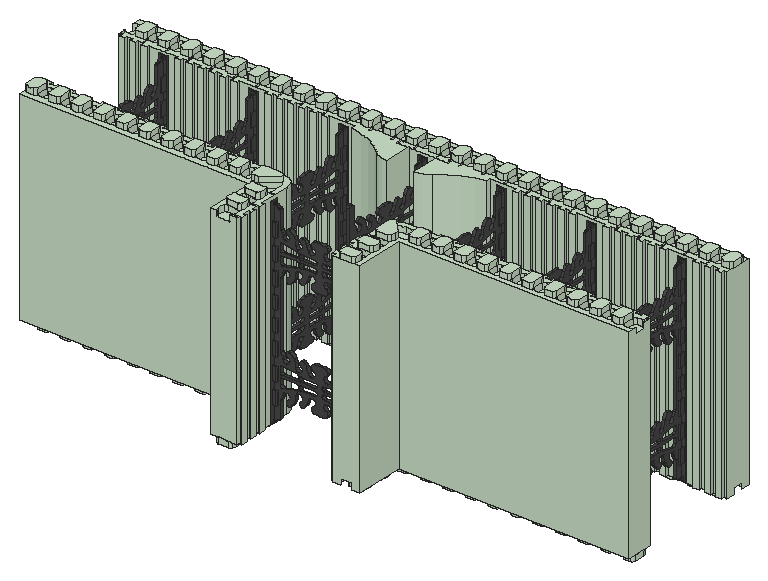
Revit family "ICF- NUDURA 8-inch- Short T Form Unit- Imperial", category Generic Models, Revit 2011 (continued)
Definition of nested family "8-inch Insert Web"
  Forms (in)
    Extrusion 1, solid, material "High Density Polystyrene"
      sketch origin (0, 0, 0) x (0, 1, 0) y (0, 0, 1)
        loop
          arc (4.25, 17.74583) -> (4.22112, 17.72608) -> (4.21, 17.69292) r 0.055
          line (4.21, 17.69292) -> (4.21, 0.05292)
          arc (4.21, 0.05292) -> (4.22112, 0.01975) -> (4.25, 0) r 0.055
        loop
          arc (-4.25, 0) -> (-4.22112, 0.01975) -> (-4.21, 0.05292) r 0.055
          line (-4.21, 0.05292) -> (-4.21, 17.69292)
          arc (-4.21, 17.69292) -> (-4.22112, 17.72608) -> (-4.25, 17.74583) r 0.055
          line (-4.25, 17.74583) -> (-4.25, 0)
      from 0.36328 to -0.36328
    Extrusion 2, solid, material "High Density Polystyrene"
      sketch origin (0, 0, 0) x (0, 1, 0) y (0, 0, 1)
        loop
          line (-4.12543, 17.57204) -> (-4.19457, 17.61045)
          arc (-4.19457, 17.61045) -> (-4.20585, 17.62147) -> (-4.21, 17.63668) r 0.03
          line (-4.21, 17.63668) -> (-4.21, 17.38789)
          arc (-4.21, 17.38789) -> (-4.20374, 17.40241) -> (-4.18889, 17.40785) r 0.02
          line (-4.18889, 17.40785) -> (-4.13111, 17.40464)
          arc (-4.13111, 17.40464) -> (-4.11625, 17.41008) -> (-4.11, 17.42461) r 0.02
          line (-4.11, 17.42461) -> (-4.11, 17.54582)
          arc (-4.11, 17.54582) -> (-4.11414, 17.56103) -> (-4.12543, 17.57204) r 0.03
        loop
          line (-3.5, 17.20772) -> (-3.6, 17.20772) -> (-3.6, 17.2388)
          arc (-3.6, 17.2388) -> (-3.61433, 17.27339) -> (-3.64893, 17.28772) r 0.04893
          line (-3.64893, 17.28772) -> (-3.77609, 17.28772) -> (-3.825, 17.43772)
          arc (-3.825, 17.43772) -> (-3.875, 17.46772) -> (-3.925, 17.43772) r 0.05667
          line (-3.925, 17.43772) -> (-4, 17.20772) -> (-4, 0.53811) -> (-3.925, 0.30811)
          arc (-3.925, 0.30811) -> (-3.875, 0.27811) -> (-3.825, 0.30811) r 0.05667
          line (-3.825, 0.30811) -> (-3.77609, 0.45811) -> (-3.64893, 0.45811)
          arc (-3.64893, 0.45811) -> (-3.61433, 0.47244) -> (-3.6, 0.50703) r 0.04893
          line (-3.6, 0.50703) -> (-3.6, 0.53811) -> (-3.5, 0.53811) -> (-3.5, 1.98988)
          arc (-3.5, 1.98988) -> (-3.48945, 2.05625) -> (-3.45885, 2.11607) r 0.21407
          arc (-3.45885, 2.11607) -> (-3.34445, 2.29893) -> (-3.25724, 2.49621) r 1.51187
          arc (-3.25724, 2.49621) -> (-2.80567, 2.83663) -> (-2.82334, 2.2714) r 0.31353
          arc (-2.82334, 2.2714) -> (-2.94589, 1.98542) -> (-2.65991, 1.86287) r 0.22
          arc (-2.65991, 1.86287) -> (-2.42226, 2.01561) -> (-2.26768, 2.25208) r 0.67666
          arc (-2.26768, 2.25208) -> (-2.17842, 2.56138) -> (-2.13199, 2.87994) r 2.36477
          arc (-2.13199, 2.87994) -> (-1.64652, 3.12692) -> (-1.68105, 2.58333) r 0.31353
          arc (-1.68105, 2.58333) -> (-1.75958, 2.29597) -> (-1.47754, 2.20007) r 0.21738
          arc (-1.47754, 2.20007) -> (-1.27285, 2.35346) -> (-1.13163, 2.56673) r 0.74993
          line (-1.13163, 2.56673) -> (-0.98899, 2.95357)
          arc (-0.98899, 2.95357) -> (-0.48331, 3.1217) -> (-0.55745, 2.59398) r 0.31353
          arc (-0.55745, 2.59398) -> (-0.73367, 2.32998) -> (-0.53434, 2.08295) r 0.26801
          arc (-0.53434, 2.08295) -> (-0.26951, 2.03203) -> (0, 2.02231) r 1.75402
          arc (0, 2.02231) -> (0.26951, 2.03203) -> (0.53434, 2.08295) r 1.75402
          arc (0.53434, 2.08295) -> (0.73367, 2.32998) -> (0.55745, 2.59398) r 0.26801
          arc (0.55745, 2.59398) -> (0.48331, 3.1217) -> (0.98899, 2.95357) r 0.31353
          line (0.98899, 2.95357) -> (1.13163, 2.56673)
          arc (1.13163, 2.56673) -> (1.27285, 2.35346) -> (1.47754, 2.20007) r 0.74993
          arc (1.47754, 2.20007) -> (1.75958, 2.29597) -> (1.68105, 2.58333) r 0.21738
          arc (1.68105, 2.58333) -> (1.64652, 3.12692) -> (2.13199, 2.87994) r 0.31353
          arc (2.13199, 2.87994) -> (2.17842, 2.56138) -> (2.26768, 2.25208) r 2.36477
          arc (2.26768, 2.25208) -> (2.42226, 2.01561) -> (2.65991, 1.86287) r 0.67666
          arc (2.65991, 1.86287) -> (2.94589, 1.98542) -> (2.82334, 2.2714) r 0.22
          arc (2.82334, 2.2714) -> (2.80567, 2.83663) -> (3.25724, 2.49621) r 0.31353
          arc (3.25724, 2.49621) -> (3.34445, 2.29893) -> (3.45885, 2.11607) r 1.51187
          arc (3.45885, 2.11607) -> (3.48945, 2.05625) -> (3.5, 1.98988) r 0.21407
          line (3.5, 1.98988) -> (3.5, 0.53811) -> (3.6, 0.53811) -> (3.6, 0.50703)
          arc (3.6, 0.50703) -> (3.61433, 0.47244) -> (3.64893, 0.45811) r 0.04893
          line (3.64893, 0.45811) -> (3.77609, 0.45811) -> (3.825, 0.30811)
          arc (3.825, 0.30811) -> (3.875, 0.27811) -> (3.925, 0.30811) r 0.05667
          line (3.925, 0.30811) -> (4, 0.53811) -> (4, 17.20772) -> (3.925, 17.43772)
          arc (3.925, 17.43772) -> (3.875, 17.46772) -> (3.825, 17.43772) r 0.05667
          line (3.825, 17.43772) -> (3.77609, 17.28772) -> (3.64893, 17.28772)
          arc (3.64893, 17.28772) -> (3.61433, 17.27339) -> (3.6, 17.2388) r 0.04893
          line (3.6, 17.2388) -> (3.6, 17.20772) -> (3.5, 17.20772) -> (3.5, 15.75595)
          arc (3.5, 15.75595) -> (3.48945, 15.68959) -> (3.45885, 15.62976) r 0.21407
          arc (3.45885, 15.62976) -> (3.34445, 15.4469) -> (3.25724, 15.24962) r 1.51187
          arc (3.25724, 15.24962) -> (2.80567, 14.9092) -> (2.82334, 15.47443) r 0.31353
          arc (2.82334, 15.47443) -> (2.94589, 15.76041) -> (2.65991, 15.88296) r 0.22
          arc (2.65991, 15.88296) -> (2.42226, 15.73022) -> (2.26768, 15.49376) r 0.67666
          arc (2.26768, 15.49376) -> (2.17842, 15.18445) -> (2.13199, 14.86589) r 2.36477
          arc (2.13199, 14.86589) -> (1.64652, 14.61891) -> (1.68105, 15.1625) r 0.31353
          arc (1.68105, 15.1625) -> (1.75958, 15.44986) -> (1.47754, 15.54576) r 0.21738
          arc (1.47754, 15.54576) -> (1.27285, 15.39237) -> (1.13163, 15.1791) r 0.74993
          line (1.13163, 15.1791) -> (0.98899, 14.79226)
          arc (0.98899, 14.79226) -> (0.48331, 14.62413) -> (0.55745, 15.15185) r 0.31353
          arc (0.55745, 15.15185) -> (0.73367, 15.41586) -> (0.53434, 15.66289) r 0.26801
          arc (0.53434, 15.66289) -> (0.26951, 15.7138) -> (0, 15.72352) r 1.75402
          arc (0, 15.72352) -> (-0.26951, 15.7138) -> (-0.53434, 15.66289) r 1.75402
          arc (-0.53434, 15.66289) -> (-0.73367, 15.41586) -> (-0.55745, 15.15185) r 0.26801
          arc (-0.55745, 15.15185) -> (-0.48331, 14.62413) -> (-0.98899, 14.79226) r 0.31353
          line (-0.98899, 14.79226) -> (-1.13163, 15.1791)
          arc (-1.13163, 15.1791) -> (-1.27285, 15.39237) -> (-1.47754, 15.54576) r 0.74993
          arc (-1.47754, 15.54576) -> (-1.75958, 15.44986) -> (-1.68105, 15.1625) r 0.21738
          arc (-1.68105, 15.1625) -> (-1.64652, 14.61891) -> (-2.13199, 14.86589) r 0.31353
          arc (-2.13199, 14.86589) -> (-2.17842, 15.18445) -> (-2.26768, 15.49376) r 2.36477
          arc (-2.26768, 15.49376) -> (-2.42226, 15.73022) -> (-2.65991, 15.88296) r 0.67666
          arc (-2.65991, 15.88296) -> (-2.94589, 15.76041) -> (-2.82334, 15.47443) r 0.22
          arc (-2.82334, 15.47443) -> (-2.80567, 14.9092) -> (-3.25724, 15.24962) r 0.31353
          arc (-3.25724, 15.24962) -> (-3.34445, 15.4469) -> (-3.45885, 15.62976) r 1.51187
          arc (-3.45885, 15.62976) -> (-3.48945, 15.68959) -> (-3.5, 15.75595) r 0.21407
          line (-3.5, 15.75595) -> (-3.5, 17.20772)
        loop
          line (-0.4326, 14.30833) -> (-1.07948, 14.30833)
          arc (-1.07948, 14.30833) -> (-1.36148, 14.32119) -> (-1.641, 14.36065) r 2.98393
          arc (-1.641, 14.36065) -> (-1.72343, 14.33942) -> (-1.75965, 14.2624) r 0.1
          line (-1.75965, 14.2624) -> (-1.75965, 13.93969)
          arc (-1.75965, 13.93969) -> (-1.73036, 13.86898) -> (-1.65965, 13.83969) r 0.1
          line (-1.65965, 13.83969) -> (-0.4326, 13.83969)
          arc (-0.4326, 13.83969) -> (-0.19828, 14.07401) -> (-0.4326, 14.30833) r 0.23432
        loop
          arc (-3.26707, 14.68606) -> (-3.43178, 14.61783) -> (-3.5, 14.45313) r 0.23293
          line (-3.5, 14.45313) -> (-3.5, 13.99143)
          arc (-3.5, 13.99143) -> (-3.45556, 13.88413) -> (-3.34826, 13.83969) r 0.15174
          line (-3.34826, 13.83969) -> (-2.01208, 13.83969)
          arc (-2.01208, 13.83969) -> (-1.94141, 13.869) -> (-1.91215, 13.93969) r 0.1
          line (-1.91215, 13.93969) -> (-1.91215, 14.32445)
          arc (-1.91215, 14.32445) -> (-1.93534, 14.38849) -> (-1.99415, 14.42282) r 0.1
          arc (-1.99415, 14.42282) -> (-2.63213, 14.54712) -> (-3.26707, 14.68606) r 28.25303
        loop
          arc (-2.82334, 12.01745) -> (-2.80567, 12.58268) -> (-3.25724, 12.24227) r 0.31353
          arc (-3.25724, 12.24227) -> (-3.34445, 12.04498) -> (-3.45885, 11.86212) r 1.51187
          arc (-3.45885, 11.86212) -> (-3.48945, 11.8023) -> (-3.5, 11.73593) r 0.21407
          line (-3.5, 11.73593) -> (-3.5, 6.0099)
          arc (-3.5, 6.0099) -> (-3.48945, 5.94354) -> (-3.45885, 5.88371) r 0.21407
          arc (-3.45885, 5.88371) -> (-3.34445, 5.70085) -> (-3.25724, 5.50357) r 1.51187
          arc (-3.25724, 5.50357) -> (-2.80567, 5.16315) -> (-2.82334, 5.72838) r 0.31353
          arc (-2.82334, 5.72838) -> (-2.94589, 6.01436) -> (-2.65991, 6.13691) r 0.22
          arc (-2.65991, 6.13691) -> (-2.42226, 5.98417) -> (-2.26768, 5.74771) r 0.67666
          arc (-2.26768, 5.74771) -> (-2.17842, 5.4384) -> (-2.13199, 5.11984) r 2.36477
          arc (-2.13199, 5.11984) -> (-1.64652, 4.87286) -> (-1.68105, 5.41645) r 0.31353
          arc (-1.68105, 5.41645) -> (-1.75958, 5.70381) -> (-1.47754, 5.79971) r 0.21738
          arc (-1.47754, 5.79971) -> (-1.27285, 5.64632) -> (-1.13163, 5.43305) r 0.74993
          line (-1.13163, 5.43305) -> (-0.98899, 5.04621)
          arc (-0.98899, 5.04621) -> (-0.48331, 4.87808) -> (-0.55745, 5.4058) r 0.31353
          arc (-0.55745, 5.4058) -> (-0.73367, 5.66981) -> (-0.53434, 5.91684) r 0.26801
          arc (-0.53434, 5.91684) -> (-0.26951, 5.96775) -> (0, 5.97747) r 1.75402
          arc (0, 5.97747) -> (0.26951, 5.96775) -> (0.53434, 5.91684) r 1.75402
          arc (0.53434, 5.91684) -> (0.73367, 5.66981) -> (0.55745, 5.4058) r 0.26801
          arc (0.55745, 5.4058) -> (0.48331, 4.87808) -> (0.98899, 5.04621) r 0.31353
          line (0.98899, 5.04621) -> (1.13163, 5.43305)
          arc (1.13163, 5.43305) -> (1.27285, 5.64632) -> (1.47754, 5.79971) r 0.74993
          arc (1.47754, 5.79971) -> (1.75958, 5.70381) -> (1.68105, 5.41645) r 0.21738
          arc (1.68105, 5.41645) -> (1.64652, 4.87286) -> (2.13199, 5.11984) r 0.31353
          arc (2.13199, 5.11984) -> (2.17842, 5.4384) -> (2.26768, 5.74771) r 2.36477
          arc (2.26768, 5.74771) -> (2.42226, 5.98417) -> (2.65991, 6.13691) r 0.67666
          arc (2.65991, 6.13691) -> (2.94589, 6.01436) -> (2.82334, 5.72838) r 0.22
          arc (2.82334, 5.72838) -> (2.80567, 5.16315) -> (3.25724, 5.50357) r 0.31353
          arc (3.25724, 5.50357) -> (3.34445, 5.70085) -> (3.45885, 5.88371) r 1.51187
          arc (3.45885, 5.88371) -> (3.48945, 5.94354) -> (3.5, 6.0099) r 0.21407
          line (3.5, 6.0099) -> (3.5, 11.73593)
          arc (3.5, 11.73593) -> (3.48945, 11.8023) -> (3.45885, 11.86212) r 0.21407
          arc (3.45885, 11.86212) -> (3.34445, 12.04498) -> (3.25724, 12.24227) r 1.51187
          arc (3.25724, 12.24227) -> (2.80567, 12.58268) -> (2.82334, 12.01745) r 0.31353
          arc (2.82334, 12.01745) -> (2.94589, 11.73147) -> (2.65991, 11.60892) r 0.22
          arc (2.65991, 11.60892) -> (2.42226, 11.76166) -> (2.26768, 11.99813) r 0.67666
          arc (2.26768, 11.99813) -> (2.17842, 12.30743) -> (2.13199, 12.62599) r 2.36477
          arc (2.13199, 12.62599) -> (1.64652, 12.87297) -> (1.68105, 12.32938) r 0.31353
          arc (1.68105, 12.32938) -> (1.75958, 12.04202) -> (1.47754, 11.94612) r 0.21738
          arc (1.47754, 11.94612) -> (1.27285, 12.09952) -> (1.13163, 12.31278) r 0.74993
          line (1.13163, 12.31278) -> (0.98899, 12.69962)
          arc (0.98899, 12.69962) -> (0.48331, 12.86775) -> (0.55745, 12.34003) r 0.31353
          arc (0.55745, 12.34003) -> (0.73367, 12.07603) -> (0.53434, 11.829) r 0.26801
          arc (0.53434, 11.829) -> (0.26951, 11.77808) -> (0, 11.76836) r 1.75402
          arc (0, 11.76836) -> (-0.26951, 11.77808) -> (-0.53434, 11.829) r 1.75402
          arc (-0.53434, 11.829) -> (-0.73367, 12.07603) -> (-0.55745, 12.34003) r 0.26801
          arc (-0.55745, 12.34003) -> (-0.48331, 12.86775) -> (-0.98899, 12.69962) r 0.31353
          line (-0.98899, 12.69962) -> (-1.13163, 12.31278)
          arc (-1.13163, 12.31278) -> (-1.27285, 12.09952) -> (-1.47754, 11.94612) r 0.74993
          arc (-1.47754, 11.94612) -> (-1.75958, 12.04202) -> (-1.68105, 12.32938) r 0.21738
          arc (-1.68105, 12.32938) -> (-1.64652, 12.87297) -> (-2.13199, 12.62599) r 0.31353
          arc (-2.13199, 12.62599) -> (-2.17842, 12.30743) -> (-2.26768, 11.99813) r 2.36477
          arc (-2.26768, 11.99813) -> (-2.42226, 11.76166) -> (-2.65991, 11.60892) r 0.67666
          arc (-2.65991, 11.60892) -> (-2.94589, 11.73147) -> (-2.82334, 12.01745) r 0.22
        loop
          arc (-0.4326, 13.18355) -> (-0.19828, 13.41787) -> (-0.4326, 13.65219) r 0.23432
          line (-0.4326, 13.65219) -> (-1.65965, 13.65219)
          arc (-1.65965, 13.65219) -> (-1.73036, 13.6229) -> (-1.75965, 13.55219) r 0.1
          line (-1.75965, 13.55219) -> (-1.75965, 13.22948)
          arc (-1.75965, 13.22948) -> (-1.72343, 13.15246) -> (-1.641, 13.13124) r 0.1
          arc (-1.641, 13.13124) -> (-1.36148, 13.17069) -> (-1.07948, 13.18355) r 2.98393
          line (-1.07948, 13.18355) -> (-0.4326, 13.18355)
        loop
          arc (-3.26707, 12.80583) -> (-2.63213, 12.94476) -> (-1.99415, 13.06906) r 28.25303
          arc (-1.99415, 13.06906) -> (-1.93534, 13.10339) -> (-1.91215, 13.16743) r 0.1
          line (-1.91215, 13.16743) -> (-1.91215, 13.55219)
          arc (-1.91215, 13.55219) -> (-1.94141, 13.62288) -> (-2.01208, 13.65219) r 0.1
          line (-2.01208, 13.65219) -> (-3.34826, 13.65219)
          arc (-3.34826, 13.65219) -> (-3.45556, 13.60775) -> (-3.5, 13.50045) r 0.15174
          line (-3.5, 13.50045) -> (-3.5, 13.03875)
          arc (-3.5, 13.03875) -> (-3.43178, 12.87405) -> (-3.26707, 12.80583) r 0.23293
        loop
          arc (-4.12543, 0.17379) -> (-4.11414, 0.1848) -> (-4.11, 0.20001) r 0.03
          line (-4.11, 0.20001) -> (-4.11, 0.32122)
          arc (-4.11, 0.32122) -> (-4.11625, 0.33575) -> (-4.13111, 0.34119) r 0.02
          line (-4.13111, 0.34119) -> (-4.18889, 0.33798)
          arc (-4.18889, 0.33798) -> (-4.20374, 0.34342) -> (-4.21, 0.35795) r 0.02
          line (-4.21, 0.35795) -> (-4.21, 0.10915)
          arc (-4.21, 0.10915) -> (-4.20585, 0.12437) -> (-4.19457, 0.13538) r 0.03
          line (-4.19457, 0.13538) -> (-4.12543, 0.17379)
        loop
          arc (-0.4326, 3.4375) -> (-0.19828, 3.67182) -> (-0.4326, 3.90614) r 0.23432
          line (-0.4326, 3.90614) -> (-1.65965, 3.90614)
          arc (-1.65965, 3.90614) -> (-1.73036, 3.87685) -> (-1.75965, 3.80614) r 0.1
          line (-1.75965, 3.80614) -> (-1.75965, 3.48343)
          arc (-1.75965, 3.48343) -> (-1.72343, 3.40641) -> (-1.641, 3.38519) r 0.1
          arc (-1.641, 3.38519) -> (-1.36148, 3.42464) -> (-1.07948, 3.4375) r 2.98393
          line (-1.07948, 3.4375) -> (-0.4326, 3.4375)
        loop
          arc (-3.26707, 3.05978) -> (-2.63213, 3.19871) -> (-1.99415, 3.32301) r 28.25303
          arc (-1.99415, 3.32301) -> (-1.93534, 3.35734) -> (-1.91215, 3.42138) r 0.1
          line (-1.91215, 3.42138) -> (-1.91215, 3.80614)
          arc (-1.91215, 3.80614) -> (-1.94141, 3.87683) -> (-2.01208, 3.90614) r 0.1
          line (-2.01208, 3.90614) -> (-3.34826, 3.90614)
          arc (-3.34826, 3.90614) -> (-3.45556, 3.8617) -> (-3.5, 3.7544) r 0.15174
          line (-3.5, 3.7544) -> (-3.5, 3.2927)
          arc (-3.5, 3.2927) -> (-3.43178, 3.128) -> (-3.26707, 3.05978) r 0.23293
        loop
          line (-0.4326, 4.56228) -> (-1.07948, 4.56228)
          arc (-1.07948, 4.56228) -> (-1.36148, 4.57514) -> (-1.641, 4.6146) r 2.98393
          arc (-1.641, 4.6146) -> (-1.72343, 4.59337) -> (-1.75965, 4.51635) r 0.1
          line (-1.75965, 4.51635) -> (-1.75965, 4.19364)
          arc (-1.75965, 4.19364) -> (-1.73036, 4.12293) -> (-1.65965, 4.09364) r 0.1
          line (-1.65965, 4.09364) -> (-0.4326, 4.09364)
          arc (-0.4326, 4.09364) -> (-0.19828, 4.32796) -> (-0.4326, 4.56228) r 0.23432
        loop
          arc (-3.26707, 4.94001) -> (-3.43178, 4.87178) -> (-3.5, 4.70708) r 0.23293
          line (-3.5, 4.70708) -> (-3.5, 4.24538)
          arc (-3.5, 4.24538) -> (-3.45556, 4.13808) -> (-3.34826, 4.09364) r 0.15174
          line (-3.34826, 4.09364) -> (-2.01208, 4.09364)
          arc (-2.01208, 4.09364) -> (-1.94141, 4.12295) -> (-1.91215, 4.19364) r 0.1
          line (-1.91215, 4.19364) -> (-1.91215, 4.5784)
          arc (-1.91215, 4.5784) -> (-1.93534, 4.64244) -> (-1.99415, 4.67677) r 0.1
          arc (-1.99415, 4.67677) -> (-2.63213, 4.80107) -> (-3.26707, 4.94001) r 28.25303
        loop
          arc (4.12543, 17.57204) -> (4.11414, 17.56103) -> (4.11, 17.54582) r 0.03
          line (4.11, 17.54582) -> (4.11, 17.42461)
          arc (4.11, 17.42461) -> (4.11625, 17.41008) -> (4.13111, 17.40464) r 0.02
          line (4.13111, 17.40464) -> (4.18889, 17.40785)
          arc (4.18889, 17.40785) -> (4.20374, 17.40241) -> (4.21, 17.38789) r 0.02
          line (4.21, 17.38789) -> (4.21, 17.63668)
          arc (4.21, 17.63668) -> (4.20585, 17.62147) -> (4.19457, 17.61045) r 0.03
          line (4.19457, 17.61045) -> (4.12543, 17.57204)
        loop
          arc (0.4326, 14.30833) -> (0.19828, 14.07401) -> (0.4326, 13.83969) r 0.23432
          line (0.4326, 13.83969) -> (1.65965, 13.83969)
          arc (1.65965, 13.83969) -> (1.73036, 13.86898) -> (1.75965, 13.93969) r 0.1
          line (1.75965, 13.93969) -> (1.75965, 14.2624)
          arc (1.75965, 14.2624) -> (1.72343, 14.33942) -> (1.641, 14.36065) r 0.1
          arc (1.641, 14.36065) -> (1.36148, 14.32119) -> (1.07948, 14.30833) r 2.98393
          line (1.07948, 14.30833) -> (0.4326, 14.30833)
        loop
          arc (3.26707, 14.68606) -> (2.63213, 14.54712) -> (1.99415, 14.42282) r 28.25303
          arc (1.99415, 14.42282) -> (1.93534, 14.38849) -> (1.91215, 14.32445) r 0.1
          line (1.91215, 14.32445) -> (1.91215, 13.93969)
          arc (1.91215, 13.93969) -> (1.94141, 13.869) -> (2.01208, 13.83969) r 0.1
          line (2.01208, 13.83969) -> (3.34826, 13.83969)
          arc (3.34826, 13.83969) -> (3.45556, 13.88413) -> (3.5, 13.99143) r 0.15174
          line (3.5, 13.99143) -> (3.5, 14.45313)
          arc (3.5, 14.45313) -> (3.43178, 14.61783) -> (3.26707, 14.68606) r 0.23293
        loop
          line (0.4326, 13.18355) -> (1.07948, 13.18355)
          arc (1.07948, 13.18355) -> (1.36148, 13.17069) -> (1.641, 13.13124) r 2.98393
          arc (1.641, 13.13124) -> (1.72343, 13.15246) -> (1.75965, 13.22948) r 0.1
          line (1.75965, 13.22948) -> (1.75965, 13.55219)
          arc (1.75965, 13.55219) -> (1.73036, 13.6229) -> (1.65965, 13.65219) r 0.1
          line (1.65965, 13.65219) -> (0.4326, 13.65219)
          arc (0.4326, 13.65219) -> (0.19828, 13.41787) -> (0.4326, 13.18355) r 0.23432
        loop
          arc (3.26707, 12.80583) -> (3.43178, 12.87405) -> (3.5, 13.03875) r 0.23293
          line (3.5, 13.03875) -> (3.5, 13.50045)
          arc (3.5, 13.50045) -> (3.45556, 13.60775) -> (3.34826, 13.65219) r 0.15174
          line (3.34826, 13.65219) -> (2.01208, 13.65219)
          arc (2.01208, 13.65219) -> (1.94141, 13.62288) -> (1.91215, 13.55219) r 0.1
          line (1.91215, 13.55219) -> (1.91215, 13.16743)
          arc (1.91215, 13.16743) -> (1.93534, 13.10339) -> (1.99415, 13.06906) r 0.1
          arc (1.99415, 13.06906) -> (2.63213, 12.94476) -> (3.26707, 12.80583) r 28.25303
        loop
          line (4.12543, 0.17379) -> (4.19457, 0.13538)
          arc (4.19457, 0.13538) -> (4.20585, 0.12437) -> (4.21, 0.10915) r 0.03
          line (4.21, 0.10915) -> (4.21, 0.35795)
          arc (4.21, 0.35795) -> (4.20374, 0.34342) -> (4.18889, 0.33798) r 0.02
          line (4.18889, 0.33798) -> (4.13111, 0.34119)
          arc (4.13111, 0.34119) -> (4.11625, 0.33575) -> (4.11, 0.32122) r 0.02
          line (4.11, 0.32122) -> (4.11, 0.20001)
          arc (4.11, 0.20001) -> (4.11414, 0.1848) -> (4.12543, 0.17379) r 0.03
        loop
          line (0.4326, 3.4375) -> (1.07948, 3.4375)
          arc (1.07948, 3.4375) -> (1.36148, 3.42464) -> (1.641, 3.38519) r 2.98393
          arc (1.641, 3.38519) -> (1.72343, 3.40641) -> (1.75965, 3.48343) r 0.1
          line (1.75965, 3.48343) -> (1.75965, 3.80614)
          arc (1.75965, 3.80614) -> (1.73036, 3.87685) -> (1.65965, 3.90614) r 0.1
          line (1.65965, 3.90614) -> (0.4326, 3.90614)
          arc (0.4326, 3.90614) -> (0.19828, 3.67182) -> (0.4326, 3.4375) r 0.23432
        loop
          arc (3.26707, 3.05978) -> (3.43178, 3.128) -> (3.5, 3.2927) r 0.23293
          line (3.5, 3.2927) -> (3.5, 3.7544)
          arc (3.5, 3.7544) -> (3.45556, 3.8617) -> (3.34826, 3.90614) r 0.15174
          line (3.34826, 3.90614) -> (2.01208, 3.90614)
          arc (2.01208, 3.90614) -> (1.94141, 3.87683) -> (1.91215, 3.80614) r 0.1
          line (1.91215, 3.80614) -> (1.91215, 3.42138)
          arc (1.91215, 3.42138) -> (1.93534, 3.35734) -> (1.99415, 3.32301) r 0.1
          arc (1.99415, 3.32301) -> (2.63213, 3.19871) -> (3.26707, 3.05978) r 28.25303
        loop
          arc (0.4326, 4.56228) -> (0.19828, 4.32796) -> (0.4326, 4.09364) r 0.23432
          line (0.4326, 4.09364) -> (1.65965, 4.09364)
          arc (1.65965, 4.09364) -> (1.73036, 4.12293) -> (1.75965, 4.19364) r 0.1
          line (1.75965, 4.19364) -> (1.75965, 4.51635)
          arc (1.75965, 4.51635) -> (1.72343, 4.59337) -> (1.641, 4.6146) r 0.1
          arc (1.641, 4.6146) -> (1.36148, 4.57514) -> (1.07948, 4.56228) r 2.98393
          line (1.07948, 4.56228) -> (0.4326, 4.56228)
        loop
          arc (3.26707, 4.94001) -> (2.63213, 4.80107) -> (1.99415, 4.67677) r 28.25303
          arc (1.99415, 4.67677) -> (1.93534, 4.64244) -> (1.91215, 4.5784) r 0.1
          line (1.91215, 4.5784) -> (1.91215, 4.19364)
          arc (1.91215, 4.19364) -> (1.94141, 4.12295) -> (2.01208, 4.09364) r 0.1
          line (2.01208, 4.09364) -> (3.34826, 4.09364)
          arc (3.34826, 4.09364) -> (3.45556, 4.13808) -> (3.5, 4.24538) r 0.15174
          line (3.5, 4.24538) -> (3.5, 4.70708)
          arc (3.5, 4.70708) -> (3.43178, 4.87178) -> (3.26707, 4.94001) r 0.23293
      from 0.125 to -0.125
    Extrusion 3, solid, material "High Density Polystyrene"
      sketch origin (0, 0, 0) x (0, 1, 0) y (0, 0, 1)
        loop
          line (4.21, 16.17792) -> (3.71, 16.17792) -> (3.71, 14.97792) -> (4.21, 14.97792) -> (4.21, 16.17792)
        loop
          line (4.21, 14.22792) -> (3.71, 14.22792) -> (3.71, 13.02792) -> (4.21, 13.02792) -> (4.21, 14.22792)
        loop
          line (4.21, 12.27792) -> (3.71, 12.27792) -> (3.71, 11.07792) -> (4.21, 11.07792) -> (4.21, 12.27792)
        loop
          line (4.21, 10.32792) -> (3.71, 10.32792) -> (3.71, 9.24792) -> (4.21, 9.24792) -> (4.21, 10.32792)
        loop
          line (4.21, 8.49792) -> (3.71, 8.49792) -> (3.71, 7.41792) -> (4.21, 7.41792) -> (4.21, 8.49792)
        loop
          line (4.21, 6.66792) -> (3.71, 6.66792) -> (3.71, 5.46792) -> (4.21, 5.46792) -> (4.21, 6.66792)
        loop
          line (4.21, 4.71792) -> (3.71, 4.71792) -> (3.71, 3.51792) -> (4.21, 3.51792) -> (4.21, 4.71792)
        loop
          line (4.21, 2.76792) -> (3.71, 2.76792) -> (3.71, 1.56792) -> (4.21, 1.56792) -> (4.21, 2.76792)
        loop
          line (-4.21, 16.17792) -> (-4.21, 14.97792) -> (-3.71, 14.97792) -> (-3.71, 16.17792) -> (-4.21, 16.17792)
        loop
          line (-4.21, 14.22792) -> (-4.21, 13.02792) -> (-3.71, 13.02792) -> (-3.71, 14.22792) -> (-4.21, 14.22792)
        loop
          line (-4.21, 12.27792) -> (-4.21, 11.07792) -> (-3.71, 11.07792) -> (-3.71, 12.27792) -> (-4.21, 12.27792)
        loop
          line (-4.21, 10.32792) -> (-4.21, 9.24792) -> (-3.71, 9.24792) -> (-3.71, 10.32792) -> (-4.21, 10.32792)
        loop
          line (-4.21, 8.49792) -> (-4.21, 7.41792) -> (-3.71, 7.41792) -> (-3.71, 8.49792) -> (-4.21, 8.49792)
        loop
          line (-4.21, 6.66792) -> (-4.21, 5.46792) -> (-3.71, 5.46792) -> (-3.71, 6.66792) -> (-4.21, 6.66792)
        loop
          line (-4.21, 4.71792) -> (-4.21, 3.51792) -> (-3.71, 3.51792) -> (-3.71, 4.71792) -> (-4.21, 4.71792)
        loop
          line (-4.21, 2.76792) -> (-4.21, 1.56792) -> (-3.71, 1.56792) -> (-3.71, 2.76792) -> (-4.21, 2.76792)
      from 0.25 to -0.25
    Extrusion 4, void
      sketch origin (0, 1, 0) x (1, 0, 0) y (0, 1, 0)
        loop
          line (-0.25, 2.79249) -> (-0.25, 2.71) -> (-0.1675, 2.71)
          arc (-0.1675, 2.71) -> (-0.22584, 2.73416) -> (-0.25, 2.79249) r 0.0825
      from 0 to 18
    Extrusion 5, void
      sketch origin (0, 1, 0) x (-1, 0, 0) y (0, -1, 0)
        loop
          arc (-0.25, -2.79249) -> (-0.22584, -2.73416) -> (-0.1675, -2.71) r 0.0825
          line (-0.1675, -2.71) -> (-0.25, -2.71) -> (-0.25, -2.79249)
      from 0 to 18
    Extrusion 6, void
      sketch origin (0, -1, 0) x (1, 0, 0) y (0, 1, 0)
        loop
          arc (-0.25, -2.79249) -> (-0.22584, -2.73416) -> (-0.1675, -2.71) r 0.0825
          line (-0.1675, -2.71) -> (-0.25, -2.71) -> (-0.25, -2.79249)
      from 0 to 18
    Extrusion 7, void
      sketch origin (0, -1, 0) x (-1, 0, 0) y (0, -1, 0)
        loop
          line (-0.25, 2.79249) -> (-0.25, 2.71) -> (-0.1675, 2.71)
          arc (-0.1675, 2.71) -> (-0.22584, 2.73416) -> (-0.25, 2.79249) r 0.0825
      from 0 to 18
  Cuts and joins
    Extrusion 4, Extrusion 5, Extrusion 6, Extrusion 7 cuts Extrusion 1
    Extrusion 4, Extrusion 5, Extrusion 6, Extrusion 7 cuts Extrusion 3
Definition of nested family "8-inch Insert Web w One Fastening Strip"
  Reference planes (in)
    plane 1 "Center (Front/Back)": y = 0
    plane 2: z = 0
    plane 3 "Center (Left/Right)": x = 0
  Forms (in)
    Extrusion 1, solid, material "High Density Polystyrene"
      sketch origin (0, 0, 0) x (0, 1, 0) y (0, 0, 1)
        loop
          arc (-4.25, 0) -> (-4.22112, 0.01975) -> (-4.21, 0.05292) r 0.055
          line (-4.21, 0.05292) -> (-4.21, 17.69292)
          arc (-4.21, 17.69292) -> (-4.22112, 17.72608) -> (-4.25, 17.74583) r 0.055
          line (-4.25, 17.74583) -> (-4.25, 0)
      from 0.36328 to -0.36328
    Extrusion 2, solid, material "High Density Polystyrene"
      sketch origin (0, 0, 0) x (0, 1, 0) y (0, 0, 1)
        loop
          line (-4.12543, 17.57204) -> (-4.19457, 17.61045)
          arc (-4.19457, 17.61045) -> (-4.20585, 17.62147) -> (-4.21, 17.63668) r 0.03
          line (-4.21, 17.63668) -> (-4.21, 17.38789)
          arc (-4.21, 17.38789) -> (-4.20374, 17.40241) -> (-4.18889, 17.40785) r 0.02
          line (-4.18889, 17.40785) -> (-4.13111, 17.40464)
          arc (-4.13111, 17.40464) -> (-4.11625, 17.41008) -> (-4.11, 17.42461) r 0.02
          line (-4.11, 17.42461) -> (-4.11, 17.54582)
          arc (-4.11, 17.54582) -> (-4.11414, 17.56103) -> (-4.12543, 17.57204) r 0.03
        loop
          line (-3.5, 17.20772) -> (-3.6, 17.20772) -> (-3.6, 17.2388)
          arc (-3.6, 17.2388) -> (-3.61433, 17.27339) -> (-3.64893, 17.28772) r 0.04893
          line (-3.64893, 17.28772) -> (-3.77609, 17.28772) -> (-3.825, 17.43772)
          arc (-3.825, 17.43772) -> (-3.875, 17.46772) -> (-3.925, 17.43772) r 0.05667
          line (-3.925, 17.43772) -> (-4, 17.20772) -> (-4, 0.53811) -> (-3.925, 0.30811)
          arc (-3.925, 0.30811) -> (-3.875, 0.27811) -> (-3.825, 0.30811) r 0.05667
          line (-3.825, 0.30811) -> (-3.77609, 0.45811) -> (-3.64893, 0.45811)
          arc (-3.64893, 0.45811) -> (-3.61433, 0.47244) -> (-3.6, 0.50703) r 0.04893
          line (-3.6, 0.50703) -> (-3.6, 0.53811) -> (-3.5, 0.53811) -> (-3.5, 1.98988)
          arc (-3.5, 1.98988) -> (-3.48945, 2.05625) -> (-3.45885, 2.11607) r 0.21407
          arc (-3.45885, 2.11607) -> (-3.34445, 2.29893) -> (-3.25724, 2.49621) r 1.51187
          arc (-3.25724, 2.49621) -> (-2.80567, 2.83663) -> (-2.82334, 2.2714) r 0.31353
          arc (-2.82334, 2.2714) -> (-2.94589, 1.98542) -> (-2.65991, 1.86287) r 0.22
          arc (-2.65991, 1.86287) -> (-2.42226, 2.01561) -> (-2.26768, 2.25208) r 0.67666
          arc (-2.26768, 2.25208) -> (-2.17842, 2.56138) -> (-2.13199, 2.87994) r 2.36477
          arc (-2.13199, 2.87994) -> (-1.64652, 3.12692) -> (-1.68105, 2.58333) r 0.31353
          arc (-1.68105, 2.58333) -> (-1.75958, 2.29597) -> (-1.47754, 2.20007) r 0.21738
          arc (-1.47754, 2.20007) -> (-1.27285, 2.35346) -> (-1.13163, 2.56673) r 0.74993
          line (-1.13163, 2.56673) -> (-0.98899, 2.95357)
          arc (-0.98899, 2.95357) -> (-0.48331, 3.1217) -> (-0.55745, 2.59398) r 0.31353
          arc (-0.55745, 2.59398) -> (-0.73367, 2.32998) -> (-0.53434, 2.08295) r 0.26801
          arc (-0.53434, 2.08295) -> (-0.26951, 2.03203) -> (0, 2.02231) r 1.75402
          arc (0, 2.02231) -> (0.26951, 2.03203) -> (0.53434, 2.08295) r 1.75402
          arc (0.53434, 2.08295) -> (0.73367, 2.32998) -> (0.55745, 2.59398) r 0.26801
          arc (0.55745, 2.59398) -> (0.48331, 3.1217) -> (0.98899, 2.95357) r 0.31353
          line (0.98899, 2.95357) -> (1.13163, 2.56673)
          arc (1.13163, 2.56673) -> (1.27285, 2.35346) -> (1.47754, 2.20007) r 0.74993
          arc (1.47754, 2.20007) -> (1.75958, 2.29597) -> (1.68105, 2.58333) r 0.21738
          arc (1.68105, 2.58333) -> (1.64652, 3.12692) -> (2.13199, 2.87994) r 0.31353
          arc (2.13199, 2.87994) -> (2.17842, 2.56138) -> (2.26768, 2.25208) r 2.36477
          arc (2.26768, 2.25208) -> (2.42226, 2.01561) -> (2.65991, 1.86287) r 0.67666
          arc (2.65991, 1.86287) -> (2.94589, 1.98542) -> (2.82334, 2.2714) r 0.22
          arc (2.82334, 2.2714) -> (2.80567, 2.83663) -> (3.25724, 2.49621) r 0.31353
          arc (3.25724, 2.49621) -> (3.34445, 2.29893) -> (3.45885, 2.11607) r 1.51187
          arc (3.45885, 2.11607) -> (3.48945, 2.05625) -> (3.5, 1.98988) r 0.21407
          line (3.5, 1.98988) -> (3.5, 0.53811) -> (3.6, 0.53811) -> (3.6, 0.50703)
          arc (3.6, 0.50703) -> (3.61433, 0.47244) -> (3.64893, 0.45811) r 0.04893
          line (3.64893, 0.45811) -> (3.77609, 0.45811) -> (3.825, 0.30811)
          arc (3.825, 0.30811) -> (3.875, 0.27811) -> (3.925, 0.30811) r 0.05667
          line (3.925, 0.30811) -> (4, 0.53811) -> (4, 17.20772) -> (3.925, 17.43772)
          arc (3.925, 17.43772) -> (3.875, 17.46772) -> (3.825, 17.43772) r 0.05667
          line (3.825, 17.43772) -> (3.77609, 17.28772) -> (3.64893, 17.28772)
          arc (3.64893, 17.28772) -> (3.61433, 17.27339) -> (3.6, 17.2388) r 0.04893
          line (3.6, 17.2388) -> (3.6, 17.20772) -> (3.5, 17.20772) -> (3.5, 15.75595)
          arc (3.5, 15.75595) -> (3.48945, 15.68959) -> (3.45885, 15.62976) r 0.21407
          arc (3.45885, 15.62976) -> (3.34445, 15.4469) -> (3.25724, 15.24962) r 1.51187
          arc (3.25724, 15.24962) -> (2.80567, 14.9092) -> (2.82334, 15.47443) r 0.31353
          arc (2.82334, 15.47443) -> (2.94589, 15.76041) -> (2.65991, 15.88296) r 0.22
          arc (2.65991, 15.88296) -> (2.42226, 15.73022) -> (2.26768, 15.49376) r 0.67666
          arc (2.26768, 15.49376) -> (2.17842, 15.18445) -> (2.13199, 14.86589) r 2.36477
          arc (2.13199, 14.86589) -> (1.64652, 14.61891) -> (1.68105, 15.1625) r 0.31353
          arc (1.68105, 15.1625) -> (1.75958, 15.44986) -> (1.47754, 15.54576) r 0.21738
          arc (1.47754, 15.54576) -> (1.27285, 15.39237) -> (1.13163, 15.1791) r 0.74993
          line (1.13163, 15.1791) -> (0.98899, 14.79226)
          arc (0.98899, 14.79226) -> (0.48331, 14.62413) -> (0.55745, 15.15185) r 0.31353
          arc (0.55745, 15.15185) -> (0.73367, 15.41586) -> (0.53434, 15.66289) r 0.26801
          arc (0.53434, 15.66289) -> (0.26951, 15.7138) -> (0, 15.72352) r 1.75402
          arc (0, 15.72352) -> (-0.26951, 15.7138) -> (-0.53434, 15.66289) r 1.75402
          arc (-0.53434, 15.66289) -> (-0.73367, 15.41586) -> (-0.55745, 15.15185) r 0.26801
          arc (-0.55745, 15.15185) -> (-0.48331, 14.62413) -> (-0.98899, 14.79226) r 0.31353
          line (-0.98899, 14.79226) -> (-1.13163, 15.1791)
          arc (-1.13163, 15.1791) -> (-1.27285, 15.39237) -> (-1.47754, 15.54576) r 0.74993
          arc (-1.47754, 15.54576) -> (-1.75958, 15.44986) -> (-1.68105, 15.1625) r 0.21738
          arc (-1.68105, 15.1625) -> (-1.64652, 14.61891) -> (-2.13199, 14.86589) r 0.31353
          arc (-2.13199, 14.86589) -> (-2.17842, 15.18445) -> (-2.26768, 15.49376) r 2.36477
          arc (-2.26768, 15.49376) -> (-2.42226, 15.73022) -> (-2.65991, 15.88296) r 0.67666
          arc (-2.65991, 15.88296) -> (-2.94589, 15.76041) -> (-2.82334, 15.47443) r 0.22
          arc (-2.82334, 15.47443) -> (-2.80567, 14.9092) -> (-3.25724, 15.24962) r 0.31353
          arc (-3.25724, 15.24962) -> (-3.34445, 15.4469) -> (-3.45885, 15.62976) r 1.51187
          arc (-3.45885, 15.62976) -> (-3.48945, 15.68959) -> (-3.5, 15.75595) r 0.21407
          line (-3.5, 15.75595) -> (-3.5, 17.20772)
        loop
          line (-0.4326, 14.30833) -> (-1.07948, 14.30833)
          arc (-1.07948, 14.30833) -> (-1.36148, 14.32119) -> (-1.641, 14.36065) r 2.98393
          arc (-1.641, 14.36065) -> (-1.72343, 14.33942) -> (-1.75965, 14.2624) r 0.1
          line (-1.75965, 14.2624) -> (-1.75965, 13.93969)
          arc (-1.75965, 13.93969) -> (-1.73036, 13.86898) -> (-1.65965, 13.83969) r 0.1
          line (-1.65965, 13.83969) -> (-0.4326, 13.83969)
          arc (-0.4326, 13.83969) -> (-0.19828, 14.07401) -> (-0.4326, 14.30833) r 0.23432
        loop
          arc (-3.26707, 14.68606) -> (-3.43178, 14.61783) -> (-3.5, 14.45313) r 0.23293
          line (-3.5, 14.45313) -> (-3.5, 13.99143)
          arc (-3.5, 13.99143) -> (-3.45556, 13.88413) -> (-3.34826, 13.83969) r 0.15174
          line (-3.34826, 13.83969) -> (-2.01208, 13.83969)
          arc (-2.01208, 13.83969) -> (-1.94141, 13.869) -> (-1.91215, 13.93969) r 0.1
          line (-1.91215, 13.93969) -> (-1.91215, 14.32445)
          arc (-1.91215, 14.32445) -> (-1.93534, 14.38849) -> (-1.99415, 14.42282) r 0.1
          arc (-1.99415, 14.42282) -> (-2.63213, 14.54712) -> (-3.26707, 14.68606) r 28.25303
        loop
          arc (-2.82334, 12.01745) -> (-2.80567, 12.58268) -> (-3.25724, 12.24227) r 0.31353
          arc (-3.25724, 12.24227) -> (-3.34445, 12.04498) -> (-3.45885, 11.86212) r 1.51187
          arc (-3.45885, 11.86212) -> (-3.48945, 11.8023) -> (-3.5, 11.73593) r 0.21407
          line (-3.5, 11.73593) -> (-3.5, 6.0099)
          arc (-3.5, 6.0099) -> (-3.48945, 5.94354) -> (-3.45885, 5.88371) r 0.21407
          arc (-3.45885, 5.88371) -> (-3.34445, 5.70085) -> (-3.25724, 5.50357) r 1.51187
          arc (-3.25724, 5.50357) -> (-2.80567, 5.16315) -> (-2.82334, 5.72838) r 0.31353
          arc (-2.82334, 5.72838) -> (-2.94589, 6.01436) -> (-2.65991, 6.13691) r 0.22
          arc (-2.65991, 6.13691) -> (-2.42226, 5.98417) -> (-2.26768, 5.74771) r 0.67666
          arc (-2.26768, 5.74771) -> (-2.17842, 5.4384) -> (-2.13199, 5.11984) r 2.36477
          arc (-2.13199, 5.11984) -> (-1.64652, 4.87286) -> (-1.68105, 5.41645) r 0.31353
          arc (-1.68105, 5.41645) -> (-1.75958, 5.70381) -> (-1.47754, 5.79971) r 0.21738
          arc (-1.47754, 5.79971) -> (-1.27285, 5.64632) -> (-1.13163, 5.43305) r 0.74993
          line (-1.13163, 5.43305) -> (-0.98899, 5.04621)
          arc (-0.98899, 5.04621) -> (-0.48331, 4.87808) -> (-0.55745, 5.4058) r 0.31353
          arc (-0.55745, 5.4058) -> (-0.73367, 5.66981) -> (-0.53434, 5.91684) r 0.26801
          arc (-0.53434, 5.91684) -> (-0.26951, 5.96775) -> (0, 5.97747) r 1.75402
          arc (0, 5.97747) -> (0.26951, 5.96775) -> (0.53434, 5.91684) r 1.75402
          arc (0.53434, 5.91684) -> (0.73367, 5.66981) -> (0.55745, 5.4058) r 0.26801
          arc (0.55745, 5.4058) -> (0.48331, 4.87808) -> (0.98899, 5.04621) r 0.31353
          line (0.98899, 5.04621) -> (1.13163, 5.43305)
          arc (1.13163, 5.43305) -> (1.27285, 5.64632) -> (1.47754, 5.79971) r 0.74993
          arc (1.47754, 5.79971) -> (1.75958, 5.70381) -> (1.68105, 5.41645) r 0.21738
          arc (1.68105, 5.41645) -> (1.64652, 4.87286) -> (2.13199, 5.11984) r 0.31353
          arc (2.13199, 5.11984) -> (2.17842, 5.4384) -> (2.26768, 5.74771) r 2.36477
          arc (2.26768, 5.74771) -> (2.42226, 5.98417) -> (2.65991, 6.13691) r 0.67666
          arc (2.65991, 6.13691) -> (2.94589, 6.01436) -> (2.82334, 5.72838) r 0.22
          arc (2.82334, 5.72838) -> (2.80567, 5.16315) -> (3.25724, 5.50357) r 0.31353
          arc (3.25724, 5.50357) -> (3.34445, 5.70085) -> (3.45885, 5.88371) r 1.51187
          arc (3.45885, 5.88371) -> (3.48945, 5.94354) -> (3.5, 6.0099) r 0.21407
          line (3.5, 6.0099) -> (3.5, 11.73593)
          arc (3.5, 11.73593) -> (3.48945, 11.8023) -> (3.45885, 11.86212) r 0.21407
          arc (3.45885, 11.86212) -> (3.34445, 12.04498) -> (3.25724, 12.24227) r 1.51187
          arc (3.25724, 12.24227) -> (2.80567, 12.58268) -> (2.82334, 12.01745) r 0.31353
          arc (2.82334, 12.01745) -> (2.94589, 11.73147) -> (2.65991, 11.60892) r 0.22
          arc (2.65991, 11.60892) -> (2.42226, 11.76166) -> (2.26768, 11.99813) r 0.67666
          arc (2.26768, 11.99813) -> (2.17842, 12.30743) -> (2.13199, 12.62599) r 2.36477
          arc (2.13199, 12.62599) -> (1.64652, 12.87297) -> (1.68105, 12.32938) r 0.31353
          arc (1.68105, 12.32938) -> (1.75958, 12.04202) -> (1.47754, 11.94612) r 0.21738
          arc (1.47754, 11.94612) -> (1.27285, 12.09952) -> (1.13163, 12.31278) r 0.74993
          line (1.13163, 12.31278) -> (0.98899, 12.69962)
          arc (0.98899, 12.69962) -> (0.48331, 12.86775) -> (0.55745, 12.34003) r 0.31353
          arc (0.55745, 12.34003) -> (0.73367, 12.07603) -> (0.53434, 11.829) r 0.26801
          arc (0.53434, 11.829) -> (0.26951, 11.77808) -> (0, 11.76836) r 1.75402
          arc (0, 11.76836) -> (-0.26951, 11.77808) -> (-0.53434, 11.829) r 1.75402
          arc (-0.53434, 11.829) -> (-0.73367, 12.07603) -> (-0.55745, 12.34003) r 0.26801
          arc (-0.55745, 12.34003) -> (-0.48331, 12.86775) -> (-0.98899, 12.69962) r 0.31353
          line (-0.98899, 12.69962) -> (-1.13163, 12.31278)
          arc (-1.13163, 12.31278) -> (-1.27285, 12.09952) -> (-1.47754, 11.94612) r 0.74993
          arc (-1.47754, 11.94612) -> (-1.75958, 12.04202) -> (-1.68105, 12.32938) r 0.21738
          arc (-1.68105, 12.32938) -> (-1.64652, 12.87297) -> (-2.13199, 12.62599) r 0.31353
          arc (-2.13199, 12.62599) -> (-2.17842, 12.30743) -> (-2.26768, 11.99813) r 2.36477
          arc (-2.26768, 11.99813) -> (-2.42226, 11.76166) -> (-2.65991, 11.60892) r 0.67666
          arc (-2.65991, 11.60892) -> (-2.94589, 11.73147) -> (-2.82334, 12.01745) r 0.22
        loop
          arc (-0.4326, 13.18355) -> (-0.19828, 13.41787) -> (-0.4326, 13.65219) r 0.23432
          line (-0.4326, 13.65219) -> (-1.65965, 13.65219)
          arc (-1.65965, 13.65219) -> (-1.73036, 13.6229) -> (-1.75965, 13.55219) r 0.1
          line (-1.75965, 13.55219) -> (-1.75965, 13.22948)
          arc (-1.75965, 13.22948) -> (-1.72343, 13.15246) -> (-1.641, 13.13124) r 0.1
          arc (-1.641, 13.13124) -> (-1.36148, 13.17069) -> (-1.07948, 13.18355) r 2.98393
          line (-1.07948, 13.18355) -> (-0.4326, 13.18355)
        loop
          arc (-3.26707, 12.80583) -> (-2.63213, 12.94476) -> (-1.99415, 13.06906) r 28.25303
          arc (-1.99415, 13.06906) -> (-1.93534, 13.10339) -> (-1.91215, 13.16743) r 0.1
          line (-1.91215, 13.16743) -> (-1.91215, 13.55219)
          arc (-1.91215, 13.55219) -> (-1.94141, 13.62288) -> (-2.01208, 13.65219) r 0.1
          line (-2.01208, 13.65219) -> (-3.34826, 13.65219)
          arc (-3.34826, 13.65219) -> (-3.45556, 13.60775) -> (-3.5, 13.50045) r 0.15174
          line (-3.5, 13.50045) -> (-3.5, 13.03875)
          arc (-3.5, 13.03875) -> (-3.43178, 12.87405) -> (-3.26707, 12.80583) r 0.23293
        loop
          arc (-4.12543, 0.17379) -> (-4.11414, 0.1848) -> (-4.11, 0.20001) r 0.03
          line (-4.11, 0.20001) -> (-4.11, 0.32122)
          arc (-4.11, 0.32122) -> (-4.11625, 0.33575) -> (-4.13111, 0.34119) r 0.02
          line (-4.13111, 0.34119) -> (-4.18889, 0.33798)
          arc (-4.18889, 0.33798) -> (-4.20374, 0.34342) -> (-4.21, 0.35795) r 0.02
          line (-4.21, 0.35795) -> (-4.21, 0.10915)
          arc (-4.21, 0.10915) -> (-4.20585, 0.12437) -> (-4.19457, 0.13538) r 0.03
          line (-4.19457, 0.13538) -> (-4.12543, 0.17379)
        loop
          arc (-0.4326, 3.4375) -> (-0.19828, 3.67182) -> (-0.4326, 3.90614) r 0.23432
          line (-0.4326, 3.90614) -> (-1.65965, 3.90614)
          arc (-1.65965, 3.90614) -> (-1.73036, 3.87685) -> (-1.75965, 3.80614) r 0.1
          line (-1.75965, 3.80614) -> (-1.75965, 3.48343)
          arc (-1.75965, 3.48343) -> (-1.72343, 3.40641) -> (-1.641, 3.38519) r 0.1
          arc (-1.641, 3.38519) -> (-1.36148, 3.42464) -> (-1.07948, 3.4375) r 2.98393
          line (-1.07948, 3.4375) -> (-0.4326, 3.4375)
        loop
          arc (-3.26707, 3.05978) -> (-2.63213, 3.19871) -> (-1.99415, 3.32301) r 28.25303
          arc (-1.99415, 3.32301) -> (-1.93534, 3.35734) -> (-1.91215, 3.42138) r 0.1
          line (-1.91215, 3.42138) -> (-1.91215, 3.80614)
          arc (-1.91215, 3.80614) -> (-1.94141, 3.87683) -> (-2.01208, 3.90614) r 0.1
          line (-2.01208, 3.90614) -> (-3.34826, 3.90614)
          arc (-3.34826, 3.90614) -> (-3.45556, 3.8617) -> (-3.5, 3.7544) r 0.15174
          line (-3.5, 3.7544) -> (-3.5, 3.2927)
          arc (-3.5, 3.2927) -> (-3.43178, 3.128) -> (-3.26707, 3.05978) r 0.23293
        loop
          line (-0.4326, 4.56228) -> (-1.07948, 4.56228)
          arc (-1.07948, 4.56228) -> (-1.36148, 4.57514) -> (-1.641, 4.6146) r 2.98393
          arc (-1.641, 4.6146) -> (-1.72343, 4.59337) -> (-1.75965, 4.51635) r 0.1
          line (-1.75965, 4.51635) -> (-1.75965, 4.19364)
          arc (-1.75965, 4.19364) -> (-1.73036, 4.12293) -> (-1.65965, 4.09364) r 0.1
          line (-1.65965, 4.09364) -> (-0.4326, 4.09364)
          arc (-0.4326, 4.09364) -> (-0.19828, 4.32796) -> (-0.4326, 4.56228) r 0.23432
        loop
          arc (-3.26707, 4.94001) -> (-3.43178, 4.87178) -> (-3.5, 4.70708) r 0.23293
          line (-3.5, 4.70708) -> (-3.5, 4.24538)
          arc (-3.5, 4.24538) -> (-3.45556, 4.13808) -> (-3.34826, 4.09364) r 0.15174
          line (-3.34826, 4.09364) -> (-2.01208, 4.09364)
          arc (-2.01208, 4.09364) -> (-1.94141, 4.12295) -> (-1.91215, 4.19364) r 0.1
          line (-1.91215, 4.19364) -> (-1.91215, 4.5784)
          arc (-1.91215, 4.5784) -> (-1.93534, 4.64244) -> (-1.99415, 4.67677) r 0.1
          arc (-1.99415, 4.67677) -> (-2.63213, 4.80107) -> (-3.26707, 4.94001) r 28.25303
        loop
          arc (0.4326, 14.30833) -> (0.19828, 14.07401) -> (0.4326, 13.83969) r 0.23432
          line (0.4326, 13.83969) -> (1.65965, 13.83969)
          arc (1.65965, 13.83969) -> (1.73036, 13.86898) -> (1.75965, 13.93969) r 0.1
          line (1.75965, 13.93969) -> (1.75965, 14.2624)
          arc (1.75965, 14.2624) -> (1.72343, 14.33942) -> (1.641, 14.36065) r 0.1
          arc (1.641, 14.36065) -> (1.36148, 14.32119) -> (1.07948, 14.30833) r 2.98393
          line (1.07948, 14.30833) -> (0.4326, 14.30833)
        loop
          arc (3.26707, 14.68606) -> (2.63213, 14.54712) -> (1.99415, 14.42282) r 28.25303
          arc (1.99415, 14.42282) -> (1.93534, 14.38849) -> (1.91215, 14.32445) r 0.1
          line (1.91215, 14.32445) -> (1.91215, 13.93969)
          arc (1.91215, 13.93969) -> (1.94141, 13.869) -> (2.01208, 13.83969) r 0.1
          line (2.01208, 13.83969) -> (3.34826, 13.83969)
          arc (3.34826, 13.83969) -> (3.45556, 13.88413) -> (3.5, 13.99143) r 0.15174
          line (3.5, 13.99143) -> (3.5, 14.45313)
          arc (3.5, 14.45313) -> (3.43178, 14.61783) -> (3.26707, 14.68606) r 0.23293
        loop
          line (0.4326, 13.18355) -> (1.07948, 13.18355)
          arc (1.07948, 13.18355) -> (1.36148, 13.17069) -> (1.641, 13.13124) r 2.98393
          arc (1.641, 13.13124) -> (1.72343, 13.15246) -> (1.75965, 13.22948) r 0.1
          line (1.75965, 13.22948) -> (1.75965, 13.55219)
          arc (1.75965, 13.55219) -> (1.73036, 13.6229) -> (1.65965, 13.65219) r 0.1
          line (1.65965, 13.65219) -> (0.4326, 13.65219)
          arc (0.4326, 13.65219) -> (0.19828, 13.41787) -> (0.4326, 13.18355) r 0.23432
        loop
          arc (3.26707, 12.80583) -> (3.43178, 12.87405) -> (3.5, 13.03875) r 0.23293
          line (3.5, 13.03875) -> (3.5, 13.50045)
          arc (3.5, 13.50045) -> (3.45556, 13.60775) -> (3.34826, 13.65219) r 0.15174
          line (3.34826, 13.65219) -> (2.01208, 13.65219)
          arc (2.01208, 13.65219) -> (1.94141, 13.62288) -> (1.91215, 13.55219) r 0.1
          line (1.91215, 13.55219) -> (1.91215, 13.16743)
          arc (1.91215, 13.16743) -> (1.93534, 13.10339) -> (1.99415, 13.06906) r 0.1
          arc (1.99415, 13.06906) -> (2.63213, 12.94476) -> (3.26707, 12.80583) r 28.25303
        loop
          line (0.4326, 3.4375) -> (1.07948, 3.4375)
          arc (1.07948, 3.4375) -> (1.36148, 3.42464) -> (1.641, 3.38519) r 2.98393
          arc (1.641, 3.38519) -> (1.72343, 3.40641) -> (1.75965, 3.48343) r 0.1
          line (1.75965, 3.48343) -> (1.75965, 3.80614)
          arc (1.75965, 3.80614) -> (1.73036, 3.87685) -> (1.65965, 3.90614) r 0.1
          line (1.65965, 3.90614) -> (0.4326, 3.90614)
          arc (0.4326, 3.90614) -> (0.19828, 3.67182) -> (0.4326, 3.4375) r 0.23432
        loop
          arc (3.26707, 3.05978) -> (3.43178, 3.128) -> (3.5, 3.2927) r 0.23293
          line (3.5, 3.2927) -> (3.5, 3.7544)
          arc (3.5, 3.7544) -> (3.45556, 3.8617) -> (3.34826, 3.90614) r 0.15174
          line (3.34826, 3.90614) -> (2.01208, 3.90614)
          arc (2.01208, 3.90614) -> (1.94141, 3.87683) -> (1.91215, 3.80614) r 0.1
          line (1.91215, 3.80614) -> (1.91215, 3.42138)
          arc (1.91215, 3.42138) -> (1.93534, 3.35734) -> (1.99415, 3.32301) r 0.1
          arc (1.99415, 3.32301) -> (2.63213, 3.19871) -> (3.26707, 3.05978) r 28.25303
        loop
          arc (0.4326, 4.56228) -> (0.19828, 4.32796) -> (0.4326, 4.09364) r 0.23432
          line (0.4326, 4.09364) -> (1.65965, 4.09364)
          arc (1.65965, 4.09364) -> (1.73036, 4.12293) -> (1.75965, 4.19364) r 0.1
          line (1.75965, 4.19364) -> (1.75965, 4.51635)
          arc (1.75965, 4.51635) -> (1.72343, 4.59337) -> (1.641, 4.6146) r 0.1
          arc (1.641, 4.6146) -> (1.36148, 4.57514) -> (1.07948, 4.56228) r 2.98393
          line (1.07948, 4.56228) -> (0.4326, 4.56228)
        loop
          arc (3.26707, 4.94001) -> (2.63213, 4.80107) -> (1.99415, 4.67677) r 28.25303
          arc (1.99415, 4.67677) -> (1.93534, 4.64244) -> (1.91215, 4.5784) r 0.1
          line (1.91215, 4.5784) -> (1.91215, 4.19364)
          arc (1.91215, 4.19364) -> (1.94141, 4.12295) -> (2.01208, 4.09364) r 0.1
          line (2.01208, 4.09364) -> (3.34826, 4.09364)
          arc (3.34826, 4.09364) -> (3.45556, 4.13808) -> (3.5, 4.24538) r 0.15174
          line (3.5, 4.24538) -> (3.5, 4.70708)
          arc (3.5, 4.70708) -> (3.43178, 4.87178) -> (3.26707, 4.94001) r 0.23293
      from 0.125 to -0.125
    Extrusion 3, solid, material "High Density Polystyrene"
      sketch origin (0, 0, 0) x (0, 1, 0) y (0, 0, 1)
        loop
          line (-4.21, 16.17792) -> (-4.21, 14.97792) -> (-3.71, 14.97792) -> (-3.71, 16.17792) -> (-4.21, 16.17792)
        loop
          line (-4.21, 14.22792) -> (-4.21, 13.02792) -> (-3.71, 13.02792) -> (-3.71, 14.22792) -> (-4.21, 14.22792)
        loop
          line (-4.21, 12.27792) -> (-4.21, 11.07792) -> (-3.71, 11.07792) -> (-3.71, 12.27792) -> (-4.21, 12.27792)
        loop
          line (-4.21, 10.32792) -> (-4.21, 9.24792) -> (-3.71, 9.24792) -> (-3.71, 10.32792) -> (-4.21, 10.32792)
        loop
          line (-4.21, 8.49792) -> (-4.21, 7.41792) -> (-3.71, 7.41792) -> (-3.71, 8.49792) -> (-4.21, 8.49792)
        loop
          line (-4.21, 6.66792) -> (-4.21, 5.46792) -> (-3.71, 5.46792) -> (-3.71, 6.66792) -> (-4.21, 6.66792)
        loop
          line (-4.21, 4.71792) -> (-4.21, 3.51792) -> (-3.71, 3.51792) -> (-3.71, 4.71792) -> (-4.21, 4.71792)
        loop
          line (-4.21, 2.76792) -> (-4.21, 1.56792) -> (-3.71, 1.56792) -> (-3.71, 2.76792) -> (-4.21, 2.76792)
      from 0.25 to -0.25
    Extrusion 4, void
      sketch origin (0, -1, 0) x (1, 0, 0) y (0, 1, 0)
        loop
          arc (-0.25, -2.79249) -> (-0.22584, -2.73416) -> (-0.1675, -2.71) r 0.0825
          line (-0.1675, -2.71) -> (-0.25, -2.71) -> (-0.25, -2.79249)
      from 0 to 18
    Extrusion 5, void
      sketch origin (0, -1, 0) x (-1, 0, 0) y (0, -1, 0)
        loop
          line (-0.25, 2.79249) -> (-0.25, 2.71) -> (-0.1675, 2.71)
          arc (-0.1675, 2.71) -> (-0.22584, 2.73416) -> (-0.25, 2.79249) r 0.0825
      from 0 to 18
  Cuts and joins
    Extrusion 4, Extrusion 5 cuts Extrusion 1
    Extrusion 4, Extrusion 5 cuts Extrusion 3
Definition of nested family "NUDURA Diamond Pattern Missing Two Lines"
  Reference planes (in)
    plane 1 "Center (Front/Back)": y = 0
    plane 2: z = 0
    plane 3 "Center (Left/Right)": x = 0
    plane 4: z = 18
  Lines and regions (in)
    model lines
      curve 1: line (2, -5.625, 18) -> (2, -5.625, 0)
      curve 2: line (3.35367, -5.625, 16.98484) -> (3.69709, -5.625, 16.64142)
      curve 3: arc (3.35367, -5.625, 17.51517) -> (3.24384, -5.625, 17.25) -> (3.35367, -5.625, 16.98484) r 0.375
      curve 4: line (3.72867, -5.625, 17.89017) -> (3.35367, -5.625, 17.51517)
      curve 5: arc (4.259, -5.625, 17.89017) -> (3.99384, -5.625, 18) -> (3.72867, -5.625, 17.89017) r 0.375
      curve 6: line (4.634, -5.625, 17.51517) -> (4.259, -5.625, 17.89017)
      curve 7: arc (4.634, -5.625, 16.98484) -> (4.74384, -5.625, 17.25) -> (4.634, -5.625, 17.51517) r 0.375
      curve 8: line (4.29059, -5.625, 16.64142) -> (4.634, -5.625, 16.98484)
      curve 9: arc (4.17062, -5.625, 17.80178) -> (3.99384, -5.625, 17.875) -> (3.81706, -5.625, 17.80178) r 0.25
      curve 10: line (4.54562, -5.625, 17.42678) -> (4.17062, -5.625, 17.80178)
      curve 11: arc (4.54562, -5.625, 17.07322) -> (4.61884, -5.625, 17.25) -> (4.54562, -5.625, 17.42678) r 0.25
      curve 12: line (4.17062, -5.625, 16.69822) -> (4.54562, -5.625, 17.07322)
      curve 13: arc (3.81706, -5.625, 16.69822) -> (3.99384, -5.625, 16.625) -> (4.17062, -5.625, 16.69822) r 0.25
      curve 14: line (3.44206, -5.625, 17.07322) -> (3.81706, -5.625, 16.69822)
      curve 15: arc (3.44206, -5.625, 17.42678) -> (3.36884, -5.625, 17.25) -> (3.44206, -5.625, 17.07322) r 0.25
      curve 16: line (3.81706, -5.625, 17.80178) -> (3.44206, -5.625, 17.42678)
      curve 17: arc (3.69709, -5.625, 16.35858) -> (3.75567, -5.625, 16.5) -> (3.69709, -5.625, 16.64142) r 0.2
      curve 18: line (4.634, -5.625, 16.01517) -> (4.29059, -5.625, 16.35858)
      curve 19: arc (4.634, -5.625, 15.48484) -> (4.74384, -5.625, 15.75) -> (4.634, -5.625, 16.01517) r 0.375
      curve 20: line (4.29059, -5.625, 15.14142) -> (4.634, -5.625, 15.48484)
      curve 21: line (3.35367, -5.625, 15.48484) -> (3.69709, -5.625, 15.14142)
      curve 22: arc (3.35367, -5.625, 16.01517) -> (3.24384, -5.625, 15.75) -> (3.35367, -5.625, 15.48484) r 0.375
      curve 23: line (3.69709, -5.625, 16.35858) -> (3.35367, -5.625, 16.01517)
      curve 24: arc (4.17062, -5.625, 16.30178) -> (3.99384, -5.625, 16.375) -> (3.81706, -5.625, 16.30178) r 0.25
      curve 25: line (3.81706, -5.625, 16.30178) -> (3.44206, -5.625, 15.92678)
      curve 26: arc (3.44206, -5.625, 15.92678) -> (3.36884, -5.625, 15.75) -> (3.44206, -5.625, 15.57322) r 0.25
      curve 27: line (3.44206, -5.625, 15.57322) -> (3.81706, -5.625, 15.19822)
      curve 28: arc (3.81706, -5.625, 15.19822) -> (3.99384, -5.625, 15.125) -> (4.17062, -5.625, 15.19822) r 0.25
      curve 29: line (4.17062, -5.625, 15.19822) -> (4.54562, -5.625, 15.57322)
      curve 30: arc (4.54562, -5.625, 15.57322) -> (4.61884, -5.625, 15.75) -> (4.54562, -5.625, 15.92678) r 0.25
      curve 31: line (4.54562, -5.625, 15.92678) -> (4.17062, -5.625, 16.30178)
      curve 32: arc (3.69709, -5.625, 14.85858) -> (3.75567, -5.625, 15) -> (3.69709, -5.625, 15.14142) r 0.2
      curve 33: line (4.634, -5.625, 14.51517) -> (4.29059, -5.625, 14.85858)
      curve 34: arc (4.634, -5.625, 13.98484) -> (4.74384, -5.625, 14.25) -> (4.634, -5.625, 14.51517) r 0.375
      curve 35: line (4.29059, -5.625, 13.64142) -> (4.634, -5.625, 13.98484)
      curve 36: line (3.35367, -5.625, 13.98484) -> (3.69709, -5.625, 13.64142)
      curve 37: arc (3.35367, -5.625, 14.51517) -> (3.24384, -5.625, 14.25) -> (3.35367, -5.625, 13.98484) r 0.375
      curve 38: line (3.69709, -5.625, 14.85858) -> (3.35367, -5.625, 14.51517)
      curve 39: arc (4.17062, -5.625, 14.80178) -> (3.99384, -5.625, 14.875) -> (3.81706, -5.625, 14.80178) r 0.25
      curve 40: line (3.81706, -5.625, 14.80178) -> (3.44206, -5.625, 14.42678)
